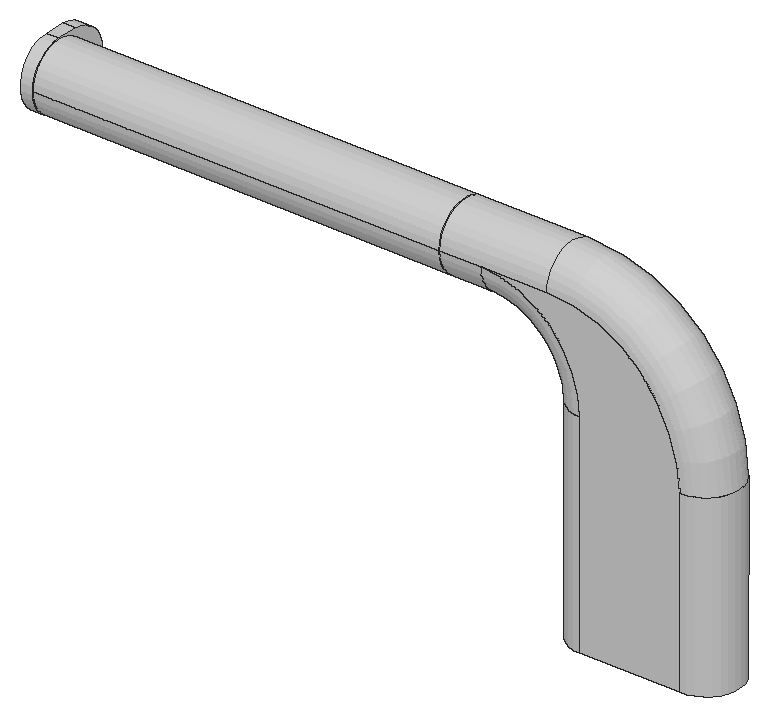
Revit family "CONTURA II TOILET ROLL HOLDER", category Specialty Equipment, host Face, Revit 2020
Family settings
  Host = Face
  Round Connector Dimension = Use Radius
  Part Type = Normal
  OmniClass Number = 23.40.20.21.21
  OmniClass Title = Toilet Paper Dispensers
  Cut with Voids When Loaded = No
  Shared = No
  Room Calculation Point = No
Parameters (values of type "CONTURA II TOILET ROLL HOLDER - CHROME")
  URL = "https://www.caroma.com.au/"
  Model = "849031C"
  Material_Base = GWA_Metal-Chrome
  Manufacturer = "GWA Bathrooms & Kitchens"  # constant formula
  Description = "CONTURA II TOILET ROLL HOLDER - CHROME"
  Default Elevation = 1000 mm
  CreatedBy_ANZRS = "GWA Bathrooms & Kitchens"  # constant formula
  Assembly Code = "C1030220"
Types (6, lengths in mm): name | Model | Material_Base | Description
  (no name) | "849031C" | GWA_Metal-Chrome | "CONTURA II TOILET ROLL HOLDER - CHROME"
  CONTURA II TOILET ROLL HOLDER - CHROME | "849031C" | GWA_Metal-Chrome | "CONTURA II TOILET ROLL HOLDER - CHROME"
  CONTURA II TOILET ROLL HOLDER - MATTE BLACK | "849031B" | GWA-Metal-Black | "CONTURA II TOILET ROLL HOLDER - MATTE BLACK"
  CONTURA II TOILET ROLL HOLDER - BRUSHED BRASS | "849031BB" | GWA_Metal-Brushed-Brass | "CONTURA II TOILET ROLL HOLDER - BRUSHED BRASS"
  CONTURA II TOILET ROLL HOLDER - BRUSHED BRONZE | "849031BBZ" | GWA_Metal-Brushed-Bronze | "CONTURA II TOILET ROLL HOLDER - BRUSHED BRONZE"
  CONTURA II TOILET ROLL HOLDER - BRUSHED NICKEL | "849031BN" | GWA_Metal-Brushed-Nickel | "CONTURA II TOILET ROLL HOLDER - BRUSHED NICKEL"
Reference planes
  plane 1 "Center (Front/Back)": y = 0
  plane 2: z = 0
  plane 3 "Center (Left/Right)": x = 0
  plane 4 "Rail": z = 75
Forms (mm)
  Extrusion 1, solid, material "GWA_Metal-Chrome" <- "Material_Base"
    sketch origin (0, 0, -8) x (1, 0, 0) y (0, 0, 1)
      loop
        arc (-36, 75) -> (-24.686, 70.314) -> (-20, 59) r 16
        line (-20, 59) -> (-20, 8) -> (20, 8) -> (20, 51)
        arc (20, 51) -> (8.284, 79.284) -> (-20, 91) r 40
        line (-20, 91) -> (-46, 91) -> (-46, 75) -> (-36, 75)
    from -8 to 8
  Sweep 2, void
    path origin (0, 0, -8) x (1, 0, 0) y (0, 0, 1)
      loop
        line (-46, 91) -> (-20, 91)
        arc (-20, 91) -> (8.284, 79.284) -> (20, 51) r 40
        line (20, 51) -> (20, 8)
    profile origin (20, 0, 21.5) x (0, -1, 0) y (1, 0, 0)
      loop
        line (8, -8) -> (10, -8) -> (10, 2) -> (-10, 2) -> (-10, -8) -> (-8, -8)
        arc (-8, -8) -> (0, 0) -> (8, -8) r 8
  Sweep 3, void
    path origin (0, 0, -8) x (1, 0, 0) y (0, 0, 1)
      loop
        line (-46, 75) -> (-36, 75)
        arc (-36, 75) -> (-24.686, 70.314) -> (-20, 59) r 16
        line (-20, 59) -> (-20, 8)
    profile origin (-20, 0, 25.5) x (0, -1, 0) y (1, 0, 0)
      loop
        arc (8, 8) -> (0, 0) -> (-8, 8) r 8
        line (-8, 8) -> (-10, 8) -> (-10, -2) -> (10, -2) -> (10, 8) -> (8, 8)
  Sweep 4, solid, material "GWA_Metal-Chrome" <- "Material_Base"
    path origin (0, 0, 75) x (0, -1, 0) y (1, 0, 0)
      loop
        line (0, -46) -> (0, -144)
    profile origin (-95, 0, 75) x (0, -1, 0) y (0, 0, 1)
      loop
        circle (0, 0) r 8
  Sweep 5, solid, material "GWA_Metal-Chrome" <- "Material_Base"
    path origin (0, 0, 75) x (0, -1, 0) y (1, 0, 0)
      loop
        line (0, -144) -> (0, -147)
    profile origin (-145.5, 0, 75) x (0, -1, 0) y (0, 0, 1)
      loop
        arc (-5, 8) -> (-13, 0) -> (-5, -8) r 8
        line (-5, -8) -> (0, -8)
        arc (0, -8) -> (8, 0) -> (0, 8) r 8
        line (0, 8) -> (-5, 8)
Cuts and joins
  Sweep 2, Sweep 3 cuts Extrusion 1
Lines and regions (mm)
  Masking region 1
    outline origin (0, 0, 75) x (0, -1, 0) y (1, 0, 0)
      loop
        line (-8, -144) -> (-13, -144) -> (-13, -147) -> (8, -147) -> (8, 12)
        arc (8, 12) -> (0, 20) -> (-8, 12) r 8
        line (-8, 12) -> (-8, -144)
  Masking region 2
    outline origin (0, 0, 0) x (1, 0, 0) y (0, 0, 1)
      loop
        line (-20, 0) -> (20, 0) -> (20, 43)
        arc (20, 43) -> (8.284, 71.284) -> (-20, 83) r 40
        line (-20, 83) -> (-147, 83) -> (-147, 67) -> (-46, 67) -> (-36, 67)
        arc (-36, 67) -> (-24.686, 62.314) -> (-20, 51) r 16
        line (-20, 51) -> (-20, 0)
  Masking region 3
    outline origin (300, 0, 0) x (0, 1, 0) y (0, 0, 1)
      loop
        line (-8, 0) -> (8, 0) -> (8, 67.584)
        arc (8, 67.584) -> (12.853, 76.528) -> (5, 83) r 8
        line (5, 83) -> (0, 83)
        arc (0, 83) -> (-5.657, 80.657) -> (-8, 75) r 8
        line (-8, 75) -> (-8, 0)
  symbolic lines
    curve 1: line (-144, 8, 75) -> (12, 8, 75)
    curve 2: arc (12, 8, 75) -> (20, 0, 75) -> (12, -8, 75) r 8
    curve 3: line (12, -8, 75) -> (-147, -8, 75)
    curve 4: line (-147, -8, 75) -> (-147, 13, 75)
    curve 5: line (-147, 13, 75) -> (-144, 13, 75)
    curve 6: line (-144, 13, 75) -> (-144, -8, 75)
    curve 7: line (-46, 8, 75) -> (-46, -8, 75)
    curve 8: line (-20, 0, 0) -> (20, 0, 0)
    curve 9: line (-20, 0, 83) -> (-144, 0, 83)
    curve 10: line (-144, 0, 83) -> (-144, 0, 67)
    curve 11: line (-144, 0, 67) -> (-46, 0, 67)
    curve 12: line (-36, 0, 67) -> (-46, 0, 67)
    curve 13: line (-46, 0, 83) -> (-46, 0, 67)
    curve 14: line (-20, 0, 51) -> (-20, 0, 0)
    curve 15: line (300, -8, 0) -> (300, 8, 0)
    curve 16: line (300, 8, 0) -> (300, 8, 75)
    curve 17: arc (300, 8, 75) -> (300, 0, 83) -> (300, -8, 75) r 8
    curve 18: line (300, -8, 75) -> (300, -8, 0)
    curve 19: arc (300, 8, 67.584) -> (300, 12.853, 76.528) -> (300, 5, 83) r 8
    curve 20: line (300, 5, 83) -> (300, 0, 83)
    curve 21: line (20, 0, 0) -> (20, 0, 43)
    curve 22: arc (-20, 0, 51) -> (-24.686, 0, 62.314) -> (-36, 0, 67) r 16
    curve 23: arc (20, 0, 43) -> (8.284, 0, 71.284) -> (-20, 0, 83) r 40
    curve 24: line (-144, 0, 83) -> (-147, 0, 83)
    curve 25: line (-147, 0, 83) -> (-147, 0, 67)
    curve 26: line (-147, 0, 67) -> (-144, 0, 67)
Dimensions and locks
  aligned and locked: plane 2 to host face
  aligned and locked: level to host face
